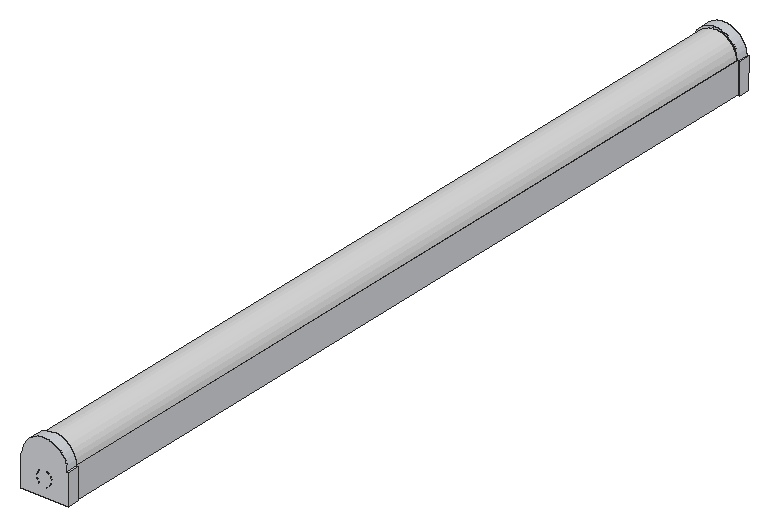
Revit family "0048953", category Lighting Fixtures, host Face, Revit 2017
Family settings
  Host = Face
  Round Connector Dimension = Use Diameter
  Part Type = Normal
  OmniClass Number = 23.80.70.00
  OmniClass Title = Lighting
  Cut with Voids When Loaded = No
  Light Source = Yes
  Shared = No
  Room Calculation Point = No
Parameters (values of type "0048953 WAYLINE 1200 MWCOR 5500LM 840")
  Weight = "10.44 kg"
  Wattage Comments = ""
  Wattage = 41 W
  WarrantyStartDate [instance] = "n/a"
  WarrantyGuarantorParts = "n/a"
  WarrantyDurationUnit = "n/a"
  WarrantyDurationParts = "n/a"
  WarrantyDescription = "n/a"
  WIDTH/2_SYL = 35 mm
  built-in parameter 1150110 = 1 (stored number, unit not read)
  Voltage = 0 V
  URL = "http://www.sylvania-lighting.com"
  TypeName = "Wayline 1200 MWCOR 5500lm 840"
  Type Image = <None>
  Type Comments = "n/a"
  built-in parameter 1114217 = 1 (stored number, unit not read)
  Tilt Angle = -90.00°
  built-in parameter 1150109 = 1 (stored number, unit not read)
  built-in parameter 1150134 = 12
  built-in parameter 1150113 = 1 (stored number, unit not read)
  SerialNumber [instance] = "n/a"
  R_HEIGHT_SYL = 44 mm
  Photometric Web File = "0048953.ies"
  Material_3_SYL = none
  PowerFactor = 0.9
  PowerConsumption = "41 W"
  NominalLength = 1220 mm
  NominalHeight = 76.5 mm
  NominalDepth = 70 mm
  Name = "Wayline 1200 MWCOR 5500lm 840"
  ModelReference = Name  # "Wayline 1200 MWCOR 5500lm 840"
  ModelNumber = "48953"
  Model = Name  # "Wayline 1200 MWCOR 5500lm 840"
  Material = "steel housing, pc polycarbonate diffuser"
  ManufacturerName = "Feilo Sylvania"
  Manufacturer = "Feilo Sylvania"
  LuminousEfficacy = "134 lm/W"
  built-in parameter 1150105 = -7832795.8 (stored number, unit not read)
  Lumens = 5494 lm
  LuminaireType = ""
  built-in parameter 1150115 = 1 (stored number, unit not read)
  LightOutputRatio = "n/a"
  built-in parameter 1150137 = (empty or 0)
  built-in parameter 1150139 = (empty or 0)
  LampsType = Lamp  # "LED"
  LampNominalLuminous = "5500 lm"
  LampMacAdamStep = "5"
  LampColourTemperature = "4000 K"
  LampColourRenderingIndex = "80"
  built-in parameter 1150112 = 1 (stored number, unit not read)
  built-in parameter 1150114 = 1 (stored number, unit not read)
  Lamp = "LED"
  LUM_R_SYL = 30 mm
  Keynote = "16500"
  InstallationDate [instance] = "n/a"
  InputVoltage = "n/a"
  InputNominalFrequency = "n/a"
  built-in parameter 1150132 = (empty or 0)
  built-in parameter 1150102 = (empty or 0)
  built-in parameter 1150107 = 4000 (stored number, unit not read)
  built-in parameter 1150138 = (empty or 0)
  IngressProtection = "IP20"
  ImpactProtectionIndex = "IK08"
  built-in parameter 1150106 = -78328 (stored number, unit not read)
  IfcExportType = "IfcLightFixtureType"
  IfcExportAs = "IfcLightFixtureType"
  HOLE_HEIGHT_SYL = 24 mm
  HEIGHT_SYL = 76.5 mm
  GAP_SYL = 2.5 mm
  Emit from Circle Diameter = 609.6 mm
  Emit Shape Visible in Rendering = no
  ElectricShockClassification = "Class I"
  built-in parameter 1150104 = 12.449 (stored number, unit not read)
  DocumentationLiterature = "http://www.sylvania-lighting.com/product/en-int/products/0048953"
  DimmingControlOptions = "n/a"
  Material_2_SYL = none
  Dimming Lamp Color Temperature Shift = <None>
  Description = "LED batten, T8 replacement, ease of installation through 2 part push-in design of the housing (safety cable included), through wiring capability, steel housing, 5500lm, 41W, 134lm/W, 4000K, CRI80, 3 step MacAdam ellipse, symmetric wide beam angle, Class I, 90000 hrs L80B20 lifespan, non-dimmable driver, corridor function with microwave presence sensor, IK08, IP20, 1220 x 70 x 76.5mm  (L x W x H) dimensions, 1.74kg."
  Default Elevation = 1219.2 mm
  CreatedOn = "5/25/2021"
  CreatedBy = "@sylvania-lighting.com"
  Cost = 0
  Color Filter = 16777215
  built-in parameter 1114216 [instance] = (empty or 0)
  ClassificationValue = "EF_70_80"
  ClassificationName = "Uniclass2015"
  Material_1_SYL = Dynamo
  BarCode [instance] = "n/a"
  built-in parameter 1114218 = 1 (stored number, unit not read)
  built-in parameter 1150133 = 10 (stored number, unit not read)
  AssetType = "Fixed"
  AssetIdentifier [instance] = "n/a"
  Assembly Code = "D5020200"
  Apparent Load = 41 VA
  Material_4_SYL = none
Types (8, lengths in mm): name | Weight | Wattage | TypeName | Photometric Web File | PowerConsumption | Name | ModelReference | ModelNumber | Model | LuminousEfficacy | built-in parameter 1150105 | Lumens | LampNominalLuminous | built-in parameter 1150106 | built-in parameter 1150104 | DocumentationLiterature | Description | Apparent Load
  0048940 WAYLINE 1200 MWCOR 3100LM 840 | "10.38 kg" | 24 W | "Wayline 1200 MWCOR 3100lm 840" | "0048940.ies" | "24 W" | "Wayline 1200 MWCOR 3100lm 840" | "Wayline 1200 MWCOR 3100lm 840" | "48940" | "Wayline 1200 MWCOR 3100lm 840" | "129 lm/W" | -2487883.7 (stored number, unit not read) | 3096 lm | "3100 lm" | -24878.8 (stored number, unit not read) | 11.984 (stored number, unit not read) | "http://www.sylvania-lighting.com/product/en-int/products/0048940" | "LED batten, T8 replacement, ease of installation through 2 part push-in design of the housing (safety cable included), through wiring capability, steel housing, 3100lm, 24W, 129lm/W, 4000K, CRI80, 3 step MacAdam ellipse, symmetric wide beam angle, Class I, 90000 hrs L80B20 lifespan, non-dimmable driver, corridor function with microwave presence sensor, IK08, IP20, 1220 x 70 x 76.5mm  (L x W x H) dimensions, 1.73kg." | 24 VA
  0048933 WAYLINE 1200 MW 5700LM 840 | "8.82 kg" | 41 W | "Wayline 1200 MW 5700lm 840" | "0048933.ies" | "41 W" | "Wayline 1200 MW 5700lm 840" | "Wayline 1200 MW 5700lm 840" | "48933" | "Wayline 1200 MW 5700lm 840" | "139 lm/W" | -8420557.4 (stored number, unit not read) | 5699 lm | "5700 lm" | -84205.6 (stored number, unit not read) | 12.914 (stored number, unit not read) | "http://www.sylvania-lighting.com/product/en-int/products/0048933" | "LED batten, T8 replacement, ease of installation through 2 part push-in design of the housing (safety cable included), through wiring capability, steel housing, 5700lm, 41W, 139lm/W, 4000K, CRI80, 3 step MacAdam ellipse, symmetric wide beam angle, Class I, 90000 hrs L80B20 lifespan, non-dimmable driver, MW sensor for 360° detection up to 8m range at 6m mounting height, IK08, IP20, 1220 x 70 x 76.5mm (LxWxD) dimensions, 1.47kg weight." | 41 VA
  0048932 WAYLINE 1200 MW 3200LM 840 | "8.64 kg" | 24 W | "Wayline 1200 MW 3200lm 840" | "0048932.ies" | "24 W" | "Wayline 1200 MW 3200lm 840" | "Wayline 1200 MW 3200lm 840" | "48932" | "Wayline 1200 MW 3200lm 840" | "133 lm/W" | -2647764 (stored number, unit not read) | 3192 lm | "3200 lm" | -26477.6 (stored number, unit not read) | 12.356 (stored number, unit not read) | "http://www.sylvania-lighting.com/product/en-int/products/0048932" | "LED batten, T8 replacement, ease of installation through 2 part push-in design of the housing (safety cable included), through wiring capability, steel housing, 3200lm, 24W, 133lm/W, 4000K, CRI80, 3 step MacAdam ellipse, symmetric wide beam angle, Class I, 90000 hrs L80B20 lifespan, non-dimmable driver, MW sensor for 360° detection up to 8m range at 6m mounting height, IK08, IP20, 1220 x 70 x 76.5mm (LxWxD) dimensions, 1.44kg weight." | 24 VA
  0048929 WAYLINE 1200 5700LM 840 EM | "10.92 kg" | 44 W | "Wayline 1200 5700lm 840 EM" | "0048929.ies" | "44 W" | "Wayline 1200 5700lm 840 EM" | "Wayline 1200 5700lm 840 EM" | "48929" | "Wayline 1200 5700lm 840 EM" | "130 lm/W" | -8451586 (stored number, unit not read) | 5720 lm | "5700 lm" | -84515.9 (stored number, unit not read) | 12.077 (stored number, unit not read) | "http://www.sylvania-lighting.com/product/en-int/products/0048929" | "LED batten, T8 replacement, ease of installation through 2 part push-in design of the housing (safety cable included), through wiring capability, steel housing, 5700lm, 44W, 130lm/W, 4000K, CRI80, 3 step MacAdam ellipse, symmetric wide beam angle, Class I, 90000 hrs L80B20 lifespan, non-dimmable driver, 3-hour maintained emergency batteries, IK08, IP20, 1220 x  70 x 76.5mm  (L x W x H) dimensions, 1.82kg." | 44 VA
  0048928 WAYLINE 1200 3200LM 840 EM | "10.68 kg" | 26 W | "Wayline 1200 3200lm 840 EM" | "0048928.ies" | "26 W" | "Wayline 1200 3200lm 840 EM" | "Wayline 1200 3200lm 840 EM" | "48928" | "Wayline 1200 3200lm 840 EM" | "123 lm/W" | -2652741 (stored number, unit not read) | 3198 lm | "3200 lm" | -26527.4 (stored number, unit not read) | 11.427 (stored number, unit not read) | "http://www.sylvania-lighting.com/product/en-int/products/0048928" | "LED batten, T8 replacement, ease of installation through 2 part push-in design of the housing (safety cable included), through wiring capability, steel housing, 3200lm, 26W, 123lm/W, 4000K, CRI80, 3 step MacAdam ellipse, symmetric wide beam angle, Class I, 90000 hrs L80B20 lifespan, non-dimmable driver, 3-hour maintained emergency batteries, IK08, IP20, 1220 x 70 x 76.5mm  (L x W x H) dimensions, 1.78kg." | 26 VA
  0048925 WAYLINE 1200 DALI 5500LM 840 | "10.02 kg" | 40 W | "Wayline 1200 DALI 5500lm 840" | "0048925.ies" | "40 W" | "Wayline 1200 DALI 5500lm 840" | "Wayline 1200 DALI 5500lm 840" | "48925" | "Wayline 1200 DALI 5500lm 840" | "138 lm/W" | -7869864 (stored number, unit not read) | 5520 lm | "5500 lm" | -78698.6 (stored number, unit not read) | 12.821 (stored number, unit not read) | "http://www.sylvania-lighting.com/product/en-int/products/0048925" | "LED batten, T8 replacement, ease of installation through 2 part push-in design of the housing (safety cable included), through wiring capability, steel housing, 5500lm, 40W, 138lm/W, 4000K, CRI80, 3 step MacAdam ellipse, symmetric wide beam angle, Class I, 90000 hrs L80B20 lifespan, DALI dimmable driver, IK08, IP20, 1220 x 70 x 76.5mm (LxWxD) dimensions, 1.67kg weight." | 40 VA
  0048924 WAYLINE 1200 DALI 3100LM 840 | "9.96 kg" | 23 W | "Wayline 1200 DALI 3100lm 840" | "0048924.ies" | "23 W" | "Wayline 1200 DALI 3100lm 840" | "Wayline 1200 DALI 3100lm 840" | "48924" | "Wayline 1200 DALI 3100lm 840" | "135 lm/W" | -2495115.9 (stored number, unit not read) | 3105 lm | "3100 lm" | -24951.2 (stored number, unit not read) | 12.542 (stored number, unit not read) | "http://www.sylvania-lighting.com/product/en-int/products/0048924" | "LED batten, T8 replacement, ease of installation through 2 part push-in design of the housing (safety cable included), through wiring capability, steel housing, 3100lm, 23W, 135lm/W, 4000K, CRI80, 3 step MacAdam ellipse, symmetric wide beam angle, Class I, 90000 hrs L80B20 lifespan, DALI dimmable driver, IK08, IP20, 1220 x 70 x 76.5mm (LxWxD) dimensions, 1.66kg weight." | 23 VA
  0048953 WAYLINE 1200 MWCOR 5500LM 840 | "10.44 kg" | 41 W | "Wayline 1200 MWCOR 5500lm 840" | "0048953.ies" | "41 W" | "Wayline 1200 MWCOR 5500lm 840" | "Wayline 1200 MWCOR 5500lm 840" | "48953" | "Wayline 1200 MWCOR 5500lm 840" | "134 lm/W" | -7832795.8 (stored number, unit not read) | 5494 lm | "5500 lm" | -78328 (stored number, unit not read) | 12.449 (stored number, unit not read) | "http://www.sylvania-lighting.com/product/en-int/products/0048953" | "LED batten, T8 replacement, ease of installation through 2 part push-in design of the housing (safety cable included), through wiring capability, steel housing, 5500lm, 41W, 134lm/W, 4000K, CRI80, 3 step MacAdam ellipse, symmetric wide beam angle, Class I, 90000 hrs L80B20 lifespan, non-dimmable driver, corridor function with microwave presence sensor, IK08, IP20, 1220 x 70 x 76.5mm  (L x W x H) dimensions, 1.74kg." | 41 VA
Reference planes
  plane 1 "Center (Front/Back)": y = 0
  plane 2: z = 0
  plane 3 "Center (Left/Right)": x = 0
  plane 4: z = 76.5
  plane 5: x = -35
  plane 6: x = 35
  plane 7: z = 44
  plane 8: x = -32.5
  plane 9: x = 32.5
  plane 10: z = 24
  plane 11: x = 2.5
  plane 12: x = -2.5
  plane 13: z = 26.5
  plane 14: z = 21.5
  plane 15: z = 74
Forms (mm)
  Extrusion 1, solid
    sketch origin (0, 0, 0) x (1, 0, 0) y (0, 0, 1)
      loop
        arc (32.5, 44) -> (0, 76.5) -> (-32.5, 44) r 32.5
        line (-32.5, 44) -> (-35, 44) -> (-35, 0) -> (35, 0) -> (35, 44) -> (32.5, 44)
      loop
        line (2.5, 34.712) -> (2.5, 33.682)
        arc (2.5, 33.682) -> (7.071, 31.071) -> (9.682, 26.5) r 10
        line (9.682, 26.5) -> (10.712, 26.5)
        arc (10.712, 26.5) -> (7.778, 31.778) -> (2.5, 34.712) r 11
      loop
        line (-2.5, 33.682) -> (-2.5, 34.712)
        arc (-2.5, 34.712) -> (-7.778, 31.778) -> (-10.712, 26.5) r 11
        line (-10.712, 26.5) -> (-9.682, 26.5)
        arc (-9.682, 26.5) -> (-7.071, 31.071) -> (-2.5, 33.682) r 10
      loop
        line (-9.682, 21.5) -> (-10.712, 21.5)
        arc (-10.712, 21.5) -> (-7.778, 16.222) -> (-2.5, 13.288) r 11
        line (-2.5, 13.288) -> (-2.5, 14.318)
        arc (-2.5, 14.318) -> (-7.071, 16.929) -> (-9.682, 21.5) r 10
      loop
        line (2.5, 14.318) -> (2.5, 13.288)
        arc (2.5, 13.288) -> (7.778, 16.222) -> (10.712, 21.5) r 11
        line (10.712, 21.5) -> (9.682, 21.5)
        arc (9.682, 21.5) -> (7.071, 16.929) -> (2.5, 14.318) r 10
    from 594 to 610
  Extrusion 2, solid, material "Dynamo" <- "Material_1_SYL"
    sketch origin (0, 0, 0) x (1, 0, 0) y (0, 0, 1)
      loop
        line (-30, 44) -> (30, 44)
        arc (30, 44) -> (0, 74) -> (-30, 44) r 30
    from -594 to 594
  Extrusion 3, solid
    sketch origin (0, 0, 0) x (1, 0, 0) y (0, 0, 1)
      loop
        line (-32.5, 44) -> (-32.5, 0) -> (32.5, 0) -> (32.5, 44) -> (-32.5, 44)
    from -594 to 594
  Extrusion 4, solid
    sketch origin (0, 0, 0) x (1, 0, 0) y (0, 0, -1)
      loop
        line (32.5, -44) -> (35, -44) -> (35, 0) -> (-35, 0) -> (-35, -44) -> (-32.5, -44)
        arc (-32.5, -44) -> (0, -76.5) -> (32.5, -44) r 32.5
      loop
        arc (2.5, -34.712) -> (7.778, -31.778) -> (10.712, -26.5) r 11
        line (10.712, -26.5) -> (9.682, -26.5)
        arc (9.682, -26.5) -> (7.071, -31.071) -> (2.5, -33.682) r 10
        line (2.5, -33.682) -> (2.5, -34.712)
      loop
        arc (-2.5, -33.682) -> (-7.071, -31.071) -> (-9.682, -26.5) r 10
        line (-9.682, -26.5) -> (-10.712, -26.5)
        arc (-10.712, -26.5) -> (-7.778, -31.778) -> (-2.5, -34.712) r 11
        line (-2.5, -34.712) -> (-2.5, -33.682)
      loop
        arc (-9.682, -21.5) -> (-7.071, -16.929) -> (-2.5, -14.318) r 10
        line (-2.5, -14.318) -> (-2.5, -13.288)
        arc (-2.5, -13.288) -> (-7.778, -16.222) -> (-10.712, -21.5) r 11
        line (-10.712, -21.5) -> (-9.682, -21.5)
      loop
        arc (2.5, -14.318) -> (7.071, -16.929) -> (9.682, -21.5) r 10
        line (9.682, -21.5) -> (10.712, -21.5)
        arc (10.712, -21.5) -> (7.778, -16.222) -> (2.5, -13.288) r 11
        line (2.5, -13.288) -> (2.5, -14.318)
    from 594 to 610
Dimensions and locks
  "HEIGHT_SYL": plane 4 to host face
  "WIDTH/2_SYL": plane 6 to plane 3 "Center (Left/Right)" to plane 5
  "R_HEIGHT_SYL": plane 7 to host face
  "GAP_SYL": plane 8 to plane 5
  "GAP_SYL": plane 6 to plane 9
  "HOLE_HEIGHT_SYL": plane 10 to host face
  "GAP_SYL": plane 13 to plane 10 to plane 14
  "GAP_SYL": plane 11 to plane 3 "Center (Left/Right)" to plane 12
  "LUM_R_SYL": plane 15 to plane 7
  aligned and locked: plane 2 to host face
  aligned and locked: level to host face
Automatic sketch dimensions
  host sketch curve to host sketch curve = 2438.4 mm  (x2)
  Extrusion 1 sketch curve to Extrusion 1 sketch curve = 0 mm  (x58)
  Extrusion 1 sketch curve to level = 0 mm
  Extrusion 1 sketch curve to plane 5 = 0 mm
  Extrusion 1 sketch curve to plane 7 = 0 mm
  Extrusion 1 sketch curve to plane 8 = 0 mm
  Extrusion 1 sketch curve to plane 13 = 0 mm  (x2)
  Extrusion 1 sketch curve to plane 14 = 0 mm  (x2)
  Extrusion 1 sketch curve to plane 12 = 0 mm  (x2)
  Extrusion 1 sketch curve to plane 3 "Center (Left/Right)" = 0 mm  (x2)
  Extrusion 1 sketch curve to plane 11 = 0 mm  (x2)
  Extrusion 1 sketch curve to plane 6 = 0 mm
  Extrusion 1 sketch curve to plane 10 = 0 mm
  Extrusion 1 sketch curve to plane 12 = 8.212 mm
  Extrusion 1 sketch curve to Extrusion 1 sketch curve = 1.03 mm  (x4)
  plane 11 to Extrusion 1 sketch curve = 7.182 mm
  Extrusion 2 sketch curve to plane 7 = 0 mm
  Extrusion 2 sketch curve to plane 3 "Center (Left/Right)" = 0 mm
  plane 8 to Extrusion 2 sketch curve = 2.5 mm
  Extrusion 3 sketch curve to level = 0 mm
  Extrusion 3 sketch curve to plane 8 = 0 mm
  Extrusion 3 sketch curve to plane 9 = 0 mm
  Extrusion 3 sketch curve to plane 7 = 0 mm
  Extrusion 4 sketch curve to Extrusion 4 sketch curve = 0 mm  (x58)
  Extrusion 4 sketch curve to level = 0 mm
  Extrusion 4 sketch curve to plane 5 = 0 mm
  Extrusion 4 sketch curve to plane 7 = 0 mm
  Extrusion 4 sketch curve to plane 8 = 0 mm
  Extrusion 4 sketch curve to plane 13 = 0 mm  (x2)
  Extrusion 4 sketch curve to plane 14 = 0 mm  (x2)
  Extrusion 4 sketch curve to plane 12 = 0 mm  (x2)
  Extrusion 4 sketch curve to plane 3 "Center (Left/Right)" = 0 mm  (x2)
  Extrusion 4 sketch curve to plane 11 = 0 mm  (x2)
  Extrusion 4 sketch curve to plane 6 = 0 mm
  Extrusion 4 sketch curve to plane 10 = 0 mm
  Extrusion 4 sketch curve to plane 12 = 8.212 mm
  Extrusion 4 sketch curve to Extrusion 4 sketch curve = 1.03 mm  (x4)
  plane 11 to Extrusion 4 sketch curve = 7.182 mm
Connectors
  electrical at (0, -610, 29.333)
    settings: on Extrusion 1, index 1, voltage 0 V, apparent load 0 VA, apparent load phase1 0 VA, apparent load phase2 0 VA, apparent load phase3 0 VA, power factor 1, load classification "Other", number of poles 1, system type 31, power factor state 1, is connector primary yes, connector utility no, sub classification motor no, connector description ""
